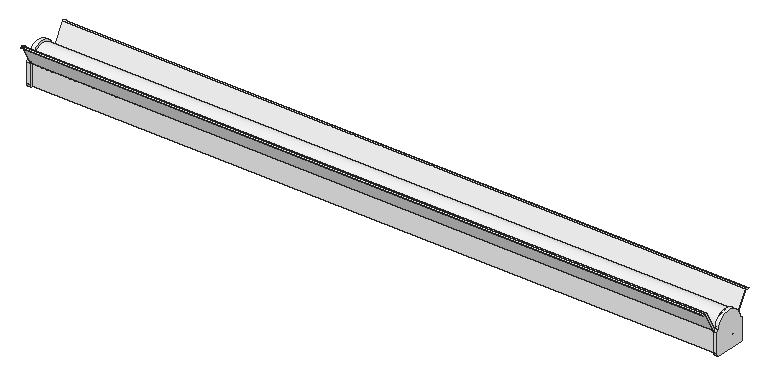
Revit family "0045202+0045235 Feilo Sylvania Lighting Fixture SYLBATTEN LED4 NW TP4 E3 with SYMMETRIC REFLECTOR ACCESSORY 1500MM", category Lighting Fixtures, host Face, Revit 2017
Family settings
  Host = Face
  Round Connector Dimension = Use Diameter
  Part Type = Normal
  OmniClass Number = 23.80.70.00
  OmniClass Title = Lighting
  Cut with Voids When Loaded = No
  Light Source = Yes
  Shared = No
  Room Calculation Point = No
Parameters (values of type "0045202 Emergency mode")
  Width_FEILO = 66 mm
  Weight = "3.7 kg"
  Wattage Comments = "n/a"
  Wattage = 41.9776 W
  WarrantyStartDate [instance] = "n/a"
  WarrantyGuarantorParts = "n/a"
  WarrantyDurationUnit = "n/a"
  WarrantyDurationParts = "n/a"
  WarrantyDescription = "n/a"
  built-in parameter 1150110 = 1 (stored number, unit not read)
  Voltage = 230 V
  URL = "http://www.sylvania-lighting.com"
  TypeName = "SYLBATTEN LED4 NW TP4 E3"
  Type Image = <None>
  Type Comments = "n/a"
  built-in parameter 1114217 = 1 (stored number, unit not read)
  Tilt Angle = -90.00°
  built-in parameter 1150109 = 1 (stored number, unit not read)
  built-in parameter 1150134 = 12
  SymReflector_FEILO = yes
  built-in parameter 1150113 = 1 (stored number, unit not read)
  SerialNumber [instance] = "n/a"
  PowerFactor = 0
  PowerConsumption = "41.9 W"
  Photometric Web File = "0045202+0045235.ies"
  NominalLength = 1505 mm
  NominalHeight = 91 mm
  NominalDepth = 122 mm
  Name = "SYLBATTEN LED4 NW TP4 E3"
  ModelReference = Name  # "SYLBATTEN LED4 NW TP4 E3"
  ModelNumber = "0045202"
  Model = Name  # "SYLBATTEN LED4 NW TP4 E3"
  Material_4_FEILO = Reflector-Sylvania-Sylbatten-White
  Material_3_FEILO = Diffuser-Sylvania-Sylbatten-Glow
  Material_2_FEILO = Body-Sylvania-Sylbatten-White
  Material_1_FEILO = Body-Sylvania-Sylbatten-White
  Material = "sheet steel housing, polycarbonate diffuser"
  ManufacturerName = "Feilo Sylvania"
  Manufacturer = "Feilo Sylvania"
  LuminousEfficacy = "99.73 lm/W"
  built-in parameter 1150105 = 156.76 (stored number, unit not read)
  Lumens = 450 lm
  LuminaireType = ""
  built-in parameter 1150115 = 1 (stored number, unit not read)
  LightOutputRatio = "100"
  built-in parameter 1150137 = (empty or 0)
  built-in parameter 1150139 = (empty or 0)
  Length_FEILO = 1505 mm
  LampsType = Lamp  # "LED"
  LampNominalLuminous = "450 lm"
  LampMacAdamStep = "n/a"
  LampColourTemperature = "4000 K"
  LampColourRenderingIndex = "80"
  built-in parameter 1150112 = 1 (stored number, unit not read)
  built-in parameter 1150114 = 1 (stored number, unit not read)
  Lamp = "LED"
  Keynote = "16500"
  InstallationDate [instance] = "n/a"
  InputVoltage = "220-240V~"
  InputNominalFrequency = "n/a"
  built-in parameter 1150132 = (empty or 0)
  built-in parameter 1150102 = (empty or 0)
  built-in parameter 1150107 = 4000 (stored number, unit not read)
  built-in parameter 1150138 = (empty or 0)
  IngressProtection = "IP20"
  ImpactProtectionIndex = "IK07"
  built-in parameter 1150106 = 1.5676 (stored number, unit not read)
  IfcExportType = "IfcLightFixtureType"
  IfcExportAs = "IfcLightFixtureType"
  Height_FEILO = 76 mm
  ExpectedLife = 50000
  Emit from Rectangle Width = Length_FEILO - 16 mm  # 1489 mm
  Emit from Rectangle Length = Width_FEILO - 40 mm  # 26 mm
  Emit Shape Visible in Rendering = no
  ElectricShockClassification = "Class I"
  built-in parameter 1150104 = 0.99592 (stored number, unit not read)
  DurationUnit = "hours"
  DocumentationLiterature = "http://www.sylvania-lighting.com/product/en-int/products/0045202"
  DimmingControlOptions = "n/a"
  Dimming Lamp Color Temperature Shift = <None>
  Description = "LED batten, T8 replacement, ease of installation through 2 part push-in design of the housing (safety cable included), through wiring capability (TP4 = 4 core), sheet steel, 4189M, 39W, 107lm/W, 4000K, drive current: 350mA, CRI 80, 138° wide beam angle, electronic driver (non dimmable), integral 3 hour maintained emergency, IP20, IK07, 50,000 hrs (L70), (LxWxH) 1505x66x76mm, 5 step MacAdam ellipse, 3.7kg, white RAL9016, Class 1, 220-240V, energy class: A++, A+, A."
  Default Elevation = 1219.2 mm
  CreatedOn = "1/25/2018"
  CreatedBy = ""
  Cost = 0
  Color Filter = 16777215
  built-in parameter 1114216 [instance] = (empty or 0)
  ClassificationValue = "EF_70_80"
  ClassificationName = "Uniclass2015"
  CapOffset_FEILO = 2 mm
  BarCode [instance] = "n/a"
  built-in parameter 1114218 = 1 (stored number, unit not read)
  BackReflector_FEILO = and(not(AsymReflector_FEILO), SymReflector_FEILO)  # yes
  built-in parameter 1150133 = 10 (stored number, unit not read)
  FrontReflector_FEILO = or(AsymReflector_FEILO, SymReflector_FEILO)  # yes
  AsymReflector_FEILO = no
  AssetType = "Fixed"
  AssetIdentifier [instance] = "n/a"
  Assembly Code = "D5020200"
  Apparent Load = 41.9776 VA
Types (2, lengths in mm): name | Wattage | PowerConsumption | built-in parameter 1150105 | Lumens | LampNominalLuminous | built-in parameter 1150106 | built-in parameter 1150104 | Apparent Load
  0045202 Emergency mode | 41.9776 W | "41.9 W" | 156.76 (stored number, unit not read) | 450 lm | "450 lm" | 1.5676 (stored number, unit not read) | 0.99592 (stored number, unit not read) | 41.9776 VA
  0045202 SYLBATTEN LED4 NW TP4 E3 | 42 W | "42 W" | 333.32 (stored number, unit not read) | 4188.66 lm | "4189 lm" | 3.3332 (stored number, unit not read) | 9.2652 (stored number, unit not read) | 42 VA
Reference planes
  plane 1 "Center (Front/Back)": y = 0
  plane 2: z = 0
  plane 3 "Center (Left/Right)": x = 0
  plane 4: x = 752.5
  plane 5: x = -752.5
  plane 6: y = 33
  plane 7: y = -33
  plane 8: z = 76
  plane 9: z = 47
  plane 10: y = -29
  plane 11: y = 29
  plane 12: z = 20
  plane 13: z = 74
  plane 14: y = -31
  plane 15: y = -27
  plane 16: y = 27
  plane 17: y = 31
  plane 18: z = 2
  plane 19: x = -744.5
  plane 20: x = 744.5
  plane 21: z = 49
  plane 22: y = 1
  plane 23: y = -1
  plane 24: z = 21
  plane 25: z = 19
  plane 26: y = -61
  plane 27: y = 61
  plane 28: y = -56
  plane 29: y = 56
  plane 30: z = 91
  plane 31: z = 88
Forms (mm)
  Extrusion 1, solid, material "Body-Sylvania-Sylbatten-White" <- "Material_2_FEILO"
    sketch origin (0, 0, 0) x (0, 1, 0) y (0, 0, 1)
      loop
        line (-31, 2) -> (31, 2) -> (31, 45)
        arc (31, 45) -> (30.414, 46.414) -> (29, 47) r 2
        line (29, 47) -> (27, 47)
        arc (27, 47) -> (0, 74) -> (-27, 47) r 27
        line (-27, 47) -> (-29, 47)
        arc (-29, 47) -> (-30.414, 46.414) -> (-31, 45) r 2
        line (-31, 45) -> (-31, 2)
    from -744.5 to 744.5
  Extrusion 2, solid, material "Body-Sylvania-Sylbatten-White" <- "Material_2_FEILO"
    sketch origin (752.5, 1524, 1219.2) x (0, 1, 0) y (0, 0, 1)
      loop
        arc (-1494, -1219.2) -> (-1491.879, -1218.321) -> (-1491, -1216.2) r 3
        line (-1491, -1216.2) -> (-1491, -1173.2)
        arc (-1491, -1173.2) -> (-1491.879, -1171.079) -> (-1494, -1170.2) r 3
        line (-1494, -1170.2) -> (-1495.069, -1170.2)
        arc (-1495.069, -1170.2) -> (-1524, -1143.2) -> (-1552.931, -1170.2) r 29
        line (-1552.931, -1170.2) -> (-1554, -1170.2)
        arc (-1554, -1170.2) -> (-1556.121, -1171.079) -> (-1557, -1173.2) r 3
        line (-1557, -1173.2) -> (-1557, -1216.2)
        arc (-1557, -1216.2) -> (-1556.121, -1218.321) -> (-1554, -1219.2) r 3
        line (-1554, -1219.2) -> (-1494, -1219.2)
      loop
        arc (-1525, -1189.25) -> (-1531.071, -1192.129) -> (-1533.95, -1198.2) r 10
        line (-1533.95, -1198.2) -> (-1532.944, -1198.2)
        arc (-1532.944, -1198.2) -> (-1530.364, -1192.836) -> (-1525, -1190.256) r 9
        line (-1525, -1190.256) -> (-1525, -1189.25)
      loop
        arc (-1523, -1190.256) -> (-1517.636, -1192.836) -> (-1515.056, -1198.2) r 9
        line (-1515.056, -1198.2) -> (-1514.05, -1198.2)
        arc (-1514.05, -1198.2) -> (-1516.929, -1192.129) -> (-1523, -1189.25) r 10
        line (-1523, -1189.25) -> (-1523, -1190.256)
      loop
        line (-1532.944, -1200.2) -> (-1533.95, -1200.2)
        arc (-1533.95, -1200.2) -> (-1531.071, -1206.271) -> (-1525, -1209.15) r 10
        line (-1525, -1209.15) -> (-1525, -1208.144)
        arc (-1525, -1208.144) -> (-1530.364, -1205.564) -> (-1532.944, -1200.2) r 9
      loop
        arc (-1515.056, -1200.2) -> (-1517.636, -1205.564) -> (-1523, -1208.144) r 9
        line (-1523, -1208.144) -> (-1523, -1209.15)
        arc (-1523, -1209.15) -> (-1516.929, -1206.271) -> (-1514.05, -1200.2) r 10
        line (-1514.05, -1200.2) -> (-1515.056, -1200.2)
    from 0 to -8
  Extrusion 3, solid, material "Body-Sylvania-Sylbatten-White" <- "Material_2_FEILO"
    sketch origin (-752.5, 1524, 1219.2) x (0, 1, 0) y (0, 0, 1)
      loop
        arc (-1495.069, -1170.2) -> (-1524, -1143.2) -> (-1552.931, -1170.2) r 29
        line (-1552.931, -1170.2) -> (-1554, -1170.2)
        arc (-1554, -1170.2) -> (-1556.121, -1171.079) -> (-1557, -1173.2) r 3
        line (-1557, -1173.2) -> (-1557, -1216.2)
        arc (-1557, -1216.2) -> (-1556.121, -1218.321) -> (-1554, -1219.2) r 3
        line (-1554, -1219.2) -> (-1494, -1219.2)
        arc (-1494, -1219.2) -> (-1491.879, -1218.321) -> (-1491, -1216.2) r 3
        line (-1491, -1216.2) -> (-1491, -1173.2)
        arc (-1491, -1173.2) -> (-1491.879, -1171.079) -> (-1494, -1170.2) r 3
        line (-1494, -1170.2) -> (-1495.069, -1170.2)
      loop
        line (-1533.95, -1198.2) -> (-1532.944, -1198.2)
        arc (-1532.944, -1198.2) -> (-1530.364, -1192.836) -> (-1525, -1190.256) r 9
        line (-1525, -1190.256) -> (-1525, -1189.25)
        arc (-1525, -1189.25) -> (-1531.071, -1192.129) -> (-1533.95, -1198.2) r 10
      loop
        line (-1523, -1189.25) -> (-1523, -1190.256)
        arc (-1523, -1190.256) -> (-1517.636, -1192.836) -> (-1515.056, -1198.2) r 9
        line (-1515.056, -1198.2) -> (-1514.05, -1198.2)
        arc (-1514.05, -1198.2) -> (-1516.929, -1192.129) -> (-1523, -1189.25) r 10
      loop
        line (-1514.05, -1200.2) -> (-1515.056, -1200.2)
        arc (-1515.056, -1200.2) -> (-1517.636, -1205.564) -> (-1523, -1208.144) r 9
        line (-1523, -1208.144) -> (-1523, -1209.15)
        arc (-1523, -1209.15) -> (-1516.929, -1206.271) -> (-1514.05, -1200.2) r 10
      loop
        line (-1525, -1209.15) -> (-1525, -1208.144)
        arc (-1525, -1208.144) -> (-1530.364, -1205.564) -> (-1532.944, -1200.2) r 9
        line (-1532.944, -1200.2) -> (-1533.95, -1200.2)
        arc (-1533.95, -1200.2) -> (-1531.071, -1206.271) -> (-1525, -1209.15) r 10
    from 0 to 8
  Extrusion 4, solid, material "Reflector-Sylvania-Sylbatten-White" <- "Material_4_FEILO", visible <- "FrontReflector_FEILO"
    sketch origin (0, 0, 0) x (0, 1, 0) y (0, 0, 1)
      loop
        line (-61.257, 88.429) -> (-60.743, 87.571) -> (-56.621, 90.044)
        arc (-56.621, 90.044) -> (-56.237, 90.099) -> (-55.929, 89.863) r 0.5
        line (-55.929, 89.863) -> (-31.435, 46.753) -> (-30.565, 47.247) -> (-55.312, 90.802)
        arc (-55.312, 90.802) -> (-55.928, 91.275) -> (-56.696, 91.165) r 1
        line (-56.696, 91.165) -> (-61.257, 88.429)
    from -744.5 to 744.5
  Extrusion 5, solid, material "Reflector-Sylvania-Sylbatten-White" <- "Material_4_FEILO", visible <- "BackReflector_FEILO"
    sketch origin (0, 0, 0) x (0, 1, 0) y (0, 0, 1)
      loop
        line (30.565, 47.247) -> (31.435, 46.753) -> (55.932, 89.868)
        arc (55.932, 89.868) -> (56.245, 90.112) -> (56.638, 90.062) r 0.518
        line (56.638, 90.062) -> (61.033, 87.565) -> (61.527, 88.435) -> (56.682, 91.188)
        arc (56.682, 91.188) -> (55.922, 91.282) -> (55.318, 90.812) r 1
        line (55.318, 90.812) -> (30.565, 47.247)
    from -744.5 to 744.5
Lines and regions (mm)
  reference lines
    curve 1: line (0, -61, 88) -> (0, -56, 91)
    curve 2: line (0, -56, 91) -> (0, -31, 47)
    curve 3: line (0, 31, 47) -> (0, 56, 91)
    curve 4: line (0, 56, 91) -> (0, 61.28, 88)
Dimensions and locks
  equal spacing: plane 5, plane 3 "Center (Left/Right)", plane 4
  equal spacing: plane 7, plane 1 "Center (Front/Back)", plane 6
  "Width_FEILO": plane 7 to plane 6
  "Length_FEILO": plane 5 to plane 4
  "Height_FEILO": plane 8 to plane 2
  locked: plane 9 to plane 8 at 29
  equal spacing: plane 10, plane 1 "Center (Front/Back)", plane 11
  locked: plane 7 to plane 10 at 4
  locked: plane 12 to plane 2 at 20
  "CapOffset_FEILO": plane 13 to plane 8
  "CapOffset_FEILO": plane 7 to plane 14
  "CapOffset_FEILO": plane 10 to plane 15
  "CapOffset_FEILO": plane 17 to plane 6
  "CapOffset_FEILO": plane 16 to plane 11
  "CapOffset_FEILO": plane 18 to plane 2
  locked: plane 14 to Extrusion 1 sketch curve at 2
  locked: Extrusion 1 sketch curve to plane 9 at 2  (x2)
  locked: plane 16 to Extrusion 1 sketch curve at 2
  equal spacing: plane 19, plane 3 "Center (Left/Right)", plane 20
  locked: plane 5 to plane 19 at 8
  "CapOffset_FEILO": plane 9 to plane 21
  locked: Extrusion 2 sketch curve to plane 2 at 47
  locked: Extrusion 1 sketch curve to plane 2 at 47
  locked: Extrusion 2 sketch curve to plane 2 at 3  (x2)
  locked: plane 7 to Extrusion 2 sketch curve at 3  (x2)
  locked: Extrusion 2 sketch curve to plane 6 at 3  (x2)
  locked: Extrusion 2 sketch curve to plane 21 at 3  (x2)
  equal spacing: plane 23, plane 1 "Center (Front/Back)", plane 22
  equal spacing: plane 25, plane 12, plane 24
  plane 30 to plane 31 to plane 2 = 3 mm locked, 88 mm locked
  plane 28 to plane 29 = 112 mm
  plane 26 to plane 27 = 122 mm
  aligned and locked: plane 2 to host face
  aligned and locked: level to host face
  aligned and locked: plane 18 to Extrusion 1 sketch curve
  aligned and locked: plane 14 to Extrusion 1 sketch curve
  aligned and locked: Extrusion 1 sketch curve to plane 9  (x2)
  aligned and locked: Extrusion 1 sketch curve to plane 17
  aligned and locked: plane 15 to Extrusion 1 sketch curve
  aligned and locked: plane 16 to Extrusion 1 sketch curve
  aligned and locked: plane 9 to Extrusion 1 sketch curve
  aligned and locked: plane 20 to Extrusion 1
  aligned and locked: level to Extrusion 2 sketch curve
  aligned and locked: Extrusion 2 sketch curve to plane 7
  aligned and locked: plane 21 to Extrusion 2 sketch curve
  aligned and locked: Extrusion 2 sketch curve to plane 21
  aligned and locked: plane 1 "Center (Front/Back)" to Extrusion 2 sketch curve  (x3)
  aligned and locked: Extrusion 2 to Extrusion 1
  aligned and locked: plane 4 to Extrusion 2
  aligned and locked: plane 12 to Extrusion 2 sketch curve  (x2)
  aligned and locked: Extrusion 2 sketch curve to plane 22
  aligned and locked: Extrusion 2 sketch curve to plane 23
  aligned and locked: Extrusion 2 sketch curve to plane 24
  aligned and locked: Extrusion 2 sketch curve to plane 25
  aligned and locked: plane 25 to Extrusion 2 sketch curve
  aligned and locked: plane 22 to Extrusion 2 sketch curve
  aligned and locked: plane 24 to Extrusion 2 sketch curve
  aligned and locked: plane 23 to Extrusion 2 sketch curve  (x2)
  aligned and locked: Extrusion 3 sketch curve to Extrusion 2  (x22)
  aligned and locked: Extrusion 3 to Extrusion 1
  aligned and locked: Extrusion 3 to plane 5
  aligned and locked: plane 19 to Extrusion 3
  aligned and locked: plane 31 to curve 1
  aligned and locked: plane 30 to curve 1
  aligned and locked: plane 14 to curve 2
  aligned and locked: plane 9 to curve 2
  aligned and locked: plane 17 to curve 3
  aligned and locked: plane 30 to curve 3
  aligned and locked: plane 31 to curve 4
  aligned and locked: Extrusion 4 sketch curve to curve 2
  aligned and locked: Extrusion 4 sketch curve to curve 1
  aligned and locked: Extrusion 4 to Extrusion 1
  aligned and locked: Extrusion 1 to Extrusion 4
  aligned and locked: imposter light to plane 1 "Center (Front/Back)"
  aligned and locked: imposter light to plane 3 "Center (Left/Right)"
  aligned and locked: imposter light to plane 13
  aligned and locked: Extrusion 5 sketch curve to curve 4
  aligned and locked: Extrusion 5 sketch curve to curve 3
  aligned and locked: Extrusion 1 to Extrusion 5
  aligned and locked: Extrusion 5 to Extrusion 1
Automatic sketch dimensions
  host sketch curve to host sketch curve = 2438.4 mm  (x2)
  Extrusion 2 sketch curve to Extrusion 2 sketch curve = 0 mm  (x14)
  Extrusion 2 sketch curve to plane 10 = 0.069 mm
  plane 23 to Extrusion 2 sketch curve = 8.95 mm
  Extrusion 2 sketch curve to Extrusion 2 sketch curve = 1.006 mm  (x4)
  Extrusion 2 sketch curve to plane 22 = 7.944 mm
  curve 1 to plane 26 = 0 mm
  curve 2 to plane 28 = 0 mm
  curve 4 to plane 29 = 0 mm
  plane 9 to curve 3 = 0 mm
  plane 26 to Extrusion 4 sketch curve = 0.257 mm
  Extrusion 4 sketch curve to plane 26 = 0.257 mm
  Extrusion 4 sketch curve to plane 30 = 0.165 mm
  plane 28 to Extrusion 4 sketch curve = 0.696 mm
  plane 28 to Extrusion 4 sketch curve = 0.621 mm
  plane 28 to Extrusion 4 sketch curve = 0.364 mm
  plane 28 to Extrusion 4 sketch curve = 0.182 mm
  Extrusion 4 sketch curve to plane 28 = 0.071 mm
  plane 30 to Extrusion 4 sketch curve = 0.198 mm
  Extrusion 4 sketch curve to plane 28 = 0.688 mm
  plane 9 to Extrusion 4 sketch curve = 0.247 mm
  plane 1 "Center (Front/Back)" to Extrusion 4 sketch curve = 31.435 mm
  Extrusion 5 sketch curve to plane 9 = 0.247 mm
  Extrusion 5 sketch curve to plane 1 "Center (Front/Back)" = 30.565 mm
  plane 9 to Extrusion 5 sketch curve = 0.247 mm
  plane 30 to Extrusion 5 sketch curve = 0.188 mm
  plane 29 to Extrusion 5 sketch curve = 0.068 mm
  Extrusion 5 sketch curve to plane 29 = 0.188 mm
  Extrusion 5 sketch curve to plane 29 = 0.382 mm
  Extrusion 5 sketch curve to Extrusion 5 sketch curve = 0.256 mm
  Extrusion 5 sketch curve to plane 30 = 0.188 mm
  Extrusion 5 sketch curve to plane 29 = 0.682 mm
  Extrusion 5 sketch curve to plane 27 = 0.033 mm
  Extrusion 5 sketch curve to plane 27 = 0.527 mm
Connectors
  electrical at (0, 0, 0), driven by "Apparent Load", driven by "PowerFactor", driven by "Voltage"
    settings: index 1, voltage 230 V, apparent load 41.9776 VA, apparent load phase1 0 VA, apparent load phase2 0 VA, apparent load phase3 0 VA, power factor 0, load classification "Lighting", number of poles 1, system type 30, power factor state 1, is connector primary yes, connector utility no, sub classification motor no, connector description ""
